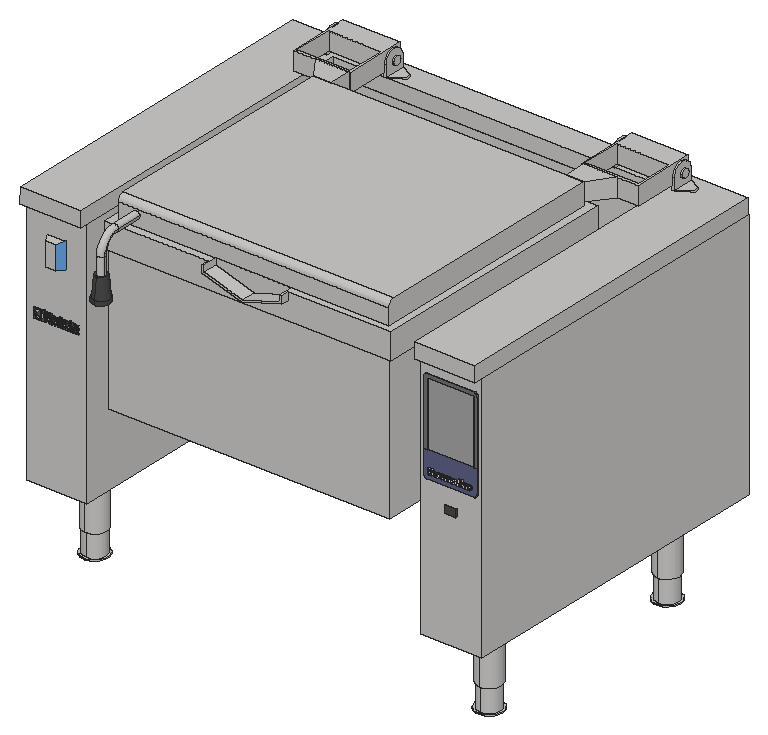
Revit family "QF_ELECTROLUXPROFESSIONAL_587122_PFET09ECIO", category Attrezzature speciali, Revit 2020 (continued)
Definition of nested family "QF_ELECTROLUXPROFESSIONAL_PBOTNB900_LEFT"
  Automatic sketch dimensions
    Extrusion 4 sketch curve to Extrusion 4 sketch curve = 2.333 mm
    Extrusion 4 sketch curve to Extrusion 4 sketch curve = 1.257 mm  (x2)
    Extrusion 4 sketch curve to Extrusion 4 sketch curve = 2.771 mm
    Extrusion 4 sketch curve to Extrusion 4 sketch curve = 1.497 mm
    Extrusion 4 sketch curve to Extrusion 4 sketch curve = 1.979 mm
    Extrusion 4 sketch curve to Extrusion 4 sketch curve = 1.653 mm
    Extrusion 4 sketch curve to Extrusion 4 sketch curve = 0.085 mm
    Extrusion 4 sketch curve to Extrusion 4 sketch curve = 0.315 mm
    Extrusion 4 sketch curve to Extrusion 4 sketch curve = 3.811 mm
    Extrusion 4 sketch curve to Extrusion 4 sketch curve = 2.136 mm  (x2)
    Extrusion 4 sketch curve to Extrusion 4 sketch curve = 2.352 mm  (x2)
    Extrusion 4 sketch curve to Extrusion 4 sketch curve = 3.797 mm
    Extrusion 4 sketch curve to Extrusion 4 sketch curve = 1.528 mm
    Extrusion 4 sketch curve to Extrusion 4 sketch curve = 1.476 mm  (x2)
    Extrusion 4 sketch curve to Extrusion 4 sketch curve = 1.469 mm  (x2)
    Extrusion 4 sketch curve to Extrusion 4 sketch curve = 3.728 mm
    Extrusion 4 sketch curve to Extrusion 4 sketch curve = 0.046 mm
    Extrusion 4 sketch curve to Extrusion 4 sketch curve = 0.177 mm
    Extrusion 4 sketch curve to Extrusion 4 sketch curve = 0.947 mm
    Extrusion 4 sketch curve to Extrusion 4 sketch curve = 0.308 mm
    Extrusion 4 sketch curve to Extrusion 4 sketch curve = 0.091 mm
    Extrusion 4 sketch curve to Extrusion 4 sketch curve = 2.375 mm
    Extrusion 4 sketch curve to Extrusion 4 sketch curve = 0.94 mm
    Extrusion 4 sketch curve to Extrusion 4 sketch curve = 0.54 mm
    Extrusion 4 sketch curve to Extrusion 4 sketch curve = 0.102 mm
    Extrusion 4 sketch curve to Extrusion 4 sketch curve = 0.002 mm  (x4)
    Extrusion 4 sketch curve to Extrusion 4 sketch curve = 0.105 mm
    Extrusion 4 sketch curve to Extrusion 4 sketch curve = 0.097 mm
    Extrusion 4 sketch curve to plane 3 "Center (Left/Right)" = 0.241 mm
    Extrusion 4 sketch curve to plane 3 "Center (Left/Right)" = 0.412 mm
    Extrusion 4 sketch curve to plane 3 "Center (Left/Right)" = 2.074 mm
    Extrusion 4 sketch curve to Extrusion 4 sketch curve = 1.777 mm
    Extrusion 4 sketch curve to plane 3 "Center (Left/Right)" = 2.704 mm
    Extrusion 4 sketch curve to Extrusion 4 sketch curve = 1.001 mm
    Extrusion 4 sketch curve to Extrusion 4 sketch curve = 1.393 mm  (x2)
    Extrusion 4 sketch curve to Extrusion 4 sketch curve = 2.363 mm
    Extrusion 4 sketch curve to Extrusion 4 sketch curve = 2.253 mm
    Extrusion 4 sketch curve to Extrusion 4 sketch curve = 0.014 mm  (x4)
    Extrusion 4 sketch curve to Extrusion 4 sketch curve = 0.172 mm
    Extrusion 4 sketch curve to Extrusion 4 sketch curve = 0.096 mm
    Extrusion 4 sketch curve to Extrusion 4 sketch curve = 0.164 mm
    Extrusion 4 sketch curve to Extrusion 4 sketch curve = 0.298 mm
    Extrusion 4 sketch curve to Extrusion 4 sketch curve = 0.247 mm
    Extrusion 4 sketch curve to Extrusion 4 sketch curve = 0.084 mm
    Extrusion 4 sketch curve to Extrusion 4 sketch curve = 6.484 mm
    Extrusion 4 sketch curve to Extrusion 4 sketch curve = 2.596 mm
    Extrusion 4 sketch curve to Extrusion 4 sketch curve = 0.059 mm  (x2)
    Extrusion 4 sketch curve to Extrusion 4 sketch curve = 3.889 mm
    Extrusion 4 sketch curve to Extrusion 4 sketch curve = 6.029 mm
    Extrusion 4 sketch curve to Extrusion 4 sketch curve = 0.929 mm
    Extrusion 4 sketch curve to Extrusion 4 sketch curve = 1.102 mm
    Extrusion 4 sketch curve to Extrusion 4 sketch curve = 0.756 mm  (x2)
    Extrusion 4 sketch curve to Extrusion 4 sketch curve = 0.852 mm
    Extrusion 4 sketch curve to Extrusion 4 sketch curve = 0.108 mm
    Extrusion 4 sketch curve to Extrusion 4 sketch curve = 0.101 mm
    Extrusion 4 sketch curve to Extrusion 4 sketch curve = 0.072 mm
    Extrusion 4 sketch curve to Extrusion 4 sketch curve = 1.67 mm
    Extrusion 4 sketch curve to Extrusion 4 sketch curve = 1.834 mm
    Extrusion 4 sketch curve to Extrusion 4 sketch curve = 0.366 mm
    Extrusion 4 sketch curve to Extrusion 4 sketch curve = 0.993 mm
    Extrusion 4 sketch curve to Extrusion 4 sketch curve = 0.81 mm
    Extrusion 4 sketch curve to Extrusion 4 sketch curve = 1.026 mm  (x2)
    Extrusion 4 sketch curve to Extrusion 4 sketch curve = 4.272 mm
    Extrusion 4 sketch curve to Extrusion 4 sketch curve = 0.163 mm
    Extrusion 4 sketch curve to Extrusion 4 sketch curve = 0.551 mm
    plane 14 to Extrusion 4 sketch curve = 6.023 mm
    Extrusion 4 sketch curve to Extrusion 4 sketch curve = 1.451 mm
    plane 14 to Extrusion 4 sketch curve = 5.28 mm
    Extrusion 4 sketch curve to Extrusion 4 sketch curve = 0.045 mm  (x2)
    Extrusion 4 sketch curve to Extrusion 4 sketch curve = 0.241 mm
    Extrusion 4 sketch curve to Extrusion 4 sketch curve = 0.039 mm
    Extrusion 4 sketch curve to Extrusion 4 sketch curve = 1.134 mm
    Extrusion 4 sketch curve to Extrusion 4 sketch curve = 2.351 mm
    Extrusion 4 sketch curve to plane 14 = 0.874 mm
    Extrusion 4 sketch curve to Extrusion 4 sketch curve = 10.128 mm
    Extrusion 4 sketch curve to Extrusion 4 sketch curve = 0.956 mm
    Extrusion 4 sketch curve to Extrusion 4 sketch curve = 1.263 mm
    Extrusion 4 sketch curve to Extrusion 4 sketch curve = 2.577 mm
    Extrusion 4 sketch curve to Extrusion 4 sketch curve = 0.243 mm
    Extrusion 4 sketch curve to Extrusion 4 sketch curve = 0.031 mm
    Extrusion 4 sketch curve to Extrusion 4 sketch curve = 7.148 mm
    Extrusion 4 sketch curve to Extrusion 4 sketch curve = 1.502 mm
    Extrusion 4 sketch curve to Extrusion 4 sketch curve = 11.54 mm
    Extrusion 4 sketch curve to Extrusion 4 sketch curve = 11.758 mm
    Extrusion 4 sketch curve to Extrusion 4 sketch curve = 4.097 mm
    Extrusion 4 sketch curve to Extrusion 4 sketch curve = 0.011 mm
    Extrusion 4 sketch curve to Extrusion 4 sketch curve = 4.488 mm
    plane 17 "CHW" to Extrusion 4 sketch curve = 191.223 mm
    Extrusion 4 sketch curve to Extrusion 4 sketch curve = 3.444 mm  (x2)
    Extrusion 4 sketch curve to Extrusion 4 sketch curve = 3.777 mm
    Extrusion 4 sketch curve to Extrusion 4 sketch curve = 1.093 mm
    Extrusion 4 sketch curve to Extrusion 4 sketch curve = 1.192 mm
    Extrusion 4 sketch curve to Extrusion 4 sketch curve = 0.319 mm
    Extrusion 4 sketch curve to Extrusion 4 sketch curve = 5.798 mm
    Extrusion 4 sketch curve to Extrusion 4 sketch curve = 2.021 mm
    Extrusion 4 sketch curve to Extrusion 4 sketch curve = 2.357 mm  (x3)
    Extrusion 4 sketch curve to Extrusion 4 sketch curve = 0.892 mm  (x3)
    Extrusion 4 sketch curve to Extrusion 4 sketch curve = 1.018 mm
    Extrusion 4 sketch curve to Extrusion 4 sketch curve = 3.382 mm  (x2)
    Extrusion 4 sketch curve to Extrusion 4 sketch curve = 2.117 mm
    Extrusion 4 sketch curve to Extrusion 4 sketch curve = 0.195 mm  (x2)
    Extrusion 4 sketch curve to Extrusion 4 sketch curve = 0.295 mm  (x2)
    Extrusion 4 sketch curve to Extrusion 4 sketch curve = 0.618 mm
    Extrusion 4 sketch curve to Extrusion 4 sketch curve = 0.385 mm  (x2)
    Extrusion 4 sketch curve to Extrusion 4 sketch curve = 1.626 mm  (x2)
    Extrusion 4 sketch curve to Extrusion 4 sketch curve = 1.65 mm
    Extrusion 4 sketch curve to Extrusion 4 sketch curve = 1.662 mm
    Extrusion 4 sketch curve to Extrusion 4 sketch curve = 0.013 mm  (x2)
    Extrusion 4 sketch curve to Extrusion 4 sketch curve = 0.292 mm
    Extrusion 4 sketch curve to Extrusion 4 sketch curve = 0.107 mm  (x2)
    Extrusion 4 sketch curve to Extrusion 4 sketch curve = 0.068 mm  (x2)
    Extrusion 4 sketch curve to Extrusion 4 sketch curve = 0.968 mm
    Extrusion 4 sketch curve to Extrusion 4 sketch curve = 0.365 mm
    Extrusion 4 sketch curve to Extrusion 4 sketch curve = 2.361 mm
    Extrusion 4 sketch curve to Extrusion 4 sketch curve = 2.359 mm
    Extrusion 4 sketch curve to Extrusion 4 sketch curve = 0.531 mm  (x2)
    Extrusion 4 sketch curve to Extrusion 4 sketch curve = 0.928 mm  (x2)
    Extrusion 4 sketch curve to Extrusion 4 sketch curve = 1.058 mm
    Extrusion 4 sketch curve to Extrusion 4 sketch curve = 0.297 mm  (x2)
    Extrusion 4 sketch curve to Extrusion 4 sketch curve = 0.155 mm  (x2)
    Extrusion 4 sketch curve to Extrusion 4 sketch curve = 1.305 mm
    Extrusion 4 sketch curve to Extrusion 4 sketch curve = 1.037 mm
    Extrusion 4 sketch curve to Extrusion 4 sketch curve = 0.182 mm  (x2)
    Extrusion 4 sketch curve to Extrusion 4 sketch curve = 0.607 mm  (x2)
    Extrusion 4 sketch curve to Extrusion 4 sketch curve = 0.304 mm  (x2)
    Extrusion 4 sketch curve to Extrusion 4 sketch curve = 0.372 mm  (x2)
    Extrusion 4 sketch curve to Extrusion 4 sketch curve = 0.016 mm  (x2)
    Extrusion 4 sketch curve to Extrusion 4 sketch curve = 0.996 mm
    Extrusion 4 sketch curve to Extrusion 4 sketch curve = 0.93 mm
    Extrusion 4 sketch curve to Extrusion 4 sketch curve = 0.709 mm  (x2)
    Extrusion 4 sketch curve to Extrusion 4 sketch curve = 1.752 mm
    Extrusion 4 sketch curve to Extrusion 4 sketch curve = 1.017 mm
    Extrusion 4 sketch curve to Extrusion 4 sketch curve = 4.718 mm
    Extrusion 4 sketch curve to Extrusion 4 sketch curve = 0.891 mm
    Extrusion 4 sketch curve to Extrusion 4 sketch curve = 3.826 mm
    Extrusion 4 sketch curve to Extrusion 4 sketch curve = 1.696 mm
    Extrusion 4 sketch curve to Extrusion 4 sketch curve = 0.954 mm
    Extrusion 4 sketch curve to Extrusion 4 sketch curve = 5.576 mm
    Extrusion 4 sketch curve to Extrusion 4 sketch curve = 5.657 mm  (x2)
    Extrusion 4 sketch curve to Extrusion 4 sketch curve = 5.661 mm  (x2)
    Extrusion 4 sketch curve to Extrusion 4 sketch curve = 0.006 mm
    Extrusion 4 sketch curve to Extrusion 4 sketch curve = 1.499 mm
    Extrusion 4 sketch curve to Extrusion 4 sketch curve = 7.186 mm
    Extrusion 4 sketch curve to Extrusion 4 sketch curve = 2.203 mm
    Extrusion 4 sketch curve to Extrusion 4 sketch curve = 2.21 mm
    Extrusion 4 sketch curve to Extrusion 4 sketch curve = 1.607 mm
    Extrusion 4 sketch curve to Extrusion 4 sketch curve = 3.479 mm
    Extrusion 4 sketch curve to Extrusion 4 sketch curve = 3.92 mm
    Extrusion 4 sketch curve to Extrusion 4 sketch curve = 0.05 mm
    Extrusion 4 sketch curve to Extrusion 4 sketch curve = 1.776 mm
    Extrusion 4 sketch curve to Extrusion 4 sketch curve = 4.017 mm
    Extrusion 4 sketch curve to Extrusion 4 sketch curve = 0.196 mm  (x2)
    Extrusion 4 sketch curve to Extrusion 4 sketch curve = 0.19 mm
    Extrusion 4 sketch curve to Extrusion 4 sketch curve = 1.312 mm
    Extrusion 4 sketch curve to Extrusion 4 sketch curve = 0.146 mm
    Extrusion 4 sketch curve to Extrusion 4 sketch curve = 2.831 mm
    Extrusion 4 sketch curve to Extrusion 4 sketch curve = 0.387 mm
    Extrusion 4 sketch curve to Extrusion 4 sketch curve = 0.174 mm
    Extrusion 4 sketch curve to Extrusion 4 sketch curve = 4.623 mm
    Extrusion 4 sketch curve to Extrusion 4 sketch curve = 1.754 mm
    Extrusion 4 sketch curve to Extrusion 4 sketch curve = 0.188 mm
    Extrusion 4 sketch curve to Extrusion 4 sketch curve = 0.02 mm
    Extrusion 4 sketch curve to Extrusion 4 sketch curve = 0.313 mm
    Extrusion 4 sketch curve to Extrusion 4 sketch curve = 0.12 mm
    Extrusion 4 sketch curve to Extrusion 4 sketch curve = 0.062 mm
    Extrusion 4 sketch curve to Extrusion 4 sketch curve = 0.568 mm
    Extrusion 4 sketch curve to Extrusion 4 sketch curve = 1.763 mm
    Extrusion 4 sketch curve to Extrusion 4 sketch curve = 0.095 mm
    Extrusion 4 sketch curve to Extrusion 4 sketch curve = 1.817 mm
    Extrusion 4 sketch curve to Extrusion 4 sketch curve = 0.357 mm
    Extrusion 4 sketch curve to Extrusion 4 sketch curve = 0.008 mm
    Extrusion 4 sketch curve to Extrusion 4 sketch curve = 0.36 mm
    Extrusion 4 sketch curve to Extrusion 4 sketch curve = 3.784 mm
    Extrusion 4 sketch curve to Extrusion 4 sketch curve = 1.654 mm
    Extrusion 4 sketch curve to Extrusion 4 sketch curve = 1.454 mm
    Extrusion 4 sketch curve to Extrusion 4 sketch curve = 1.705 mm
    Extrusion 4 sketch curve to Extrusion 4 sketch curve = 1.893 mm
    Extrusion 4 sketch curve to Extrusion 4 sketch curve = 3.429 mm
    Extrusion 4 sketch curve to Extrusion 4 sketch curve = 1.094 mm
    Extrusion 4 sketch curve to Extrusion 4 sketch curve = 2.218 mm
    Extrusion 4 sketch curve to Extrusion 4 sketch curve = 1.404 mm
    Extrusion 4 sketch curve to Extrusion 4 sketch curve = 5.763 mm
    Extrusion 4 sketch curve to Extrusion 4 sketch curve = 2.932 mm  (x2)
    Extrusion 4 sketch curve to Extrusion 4 sketch curve = 5.959 mm
    Extrusion 4 sketch curve to Extrusion 4 sketch curve = 1.424 mm
    Extrusion 4 sketch curve to Extrusion 4 sketch curve = 3.23 mm
    Extrusion 4 sketch curve to Extrusion 4 sketch curve = 1.975 mm
    Extrusion 4 sketch curve to Extrusion 4 sketch curve = 3.779 mm
    Extrusion 4 sketch curve to Extrusion 4 sketch curve = 2.212 mm
    Extrusion 4 sketch curve to Extrusion 4 sketch curve = 3.78 mm
    Extrusion 4 sketch curve to Extrusion 4 sketch curve = 1.279 mm
    Extrusion 4 sketch curve to Extrusion 4 sketch curve = 1.343 mm  (x2)
    Extrusion 4 sketch curve to Extrusion 4 sketch curve = 1.353 mm  (x2)
    Extrusion 4 sketch curve to Extrusion 4 sketch curve = 0.027 mm  (x2)
    Extrusion 4 sketch curve to Extrusion 4 sketch curve = 0.395 mm  (x2)
    Extrusion 4 sketch curve to Extrusion 4 sketch curve = 0.329 mm  (x2)
    Extrusion 4 sketch curve to Extrusion 4 sketch curve = 0.425 mm  (x2)
    Extrusion 4 sketch curve to Extrusion 4 sketch curve = 0.051 mm  (x2)
    Extrusion 4 sketch curve to Extrusion 4 sketch curve = 0.495 mm  (x2)
    Extrusion 4 sketch curve to Extrusion 4 sketch curve = 0.267 mm  (x2)
    Extrusion 4 sketch curve to Extrusion 4 sketch curve = 1.4 mm
    Extrusion 4 sketch curve to Extrusion 4 sketch curve = 5.233 mm
    Extrusion 4 sketch curve to Extrusion 4 sketch curve = 2.062 mm
    Extrusion 5 sketch curve to plane 13 "HW_CW" = 0.0 mm  (x2)
    Extrusion 5 sketch curve to plane 15 = 0.0 mm
    Extrusion 5 sketch curve to plane 14 = 0.0 mm
    radius of Extrusion 2 sketch curve = 6.35 mm  (x2)
    radius of Extrusion 4 sketch curve = 2.453 mm
    radius of Extrusion 4 sketch curve = 1.557 mm
    radius of Extrusion 4 sketch curve = 1.468 mm
    radius of Extrusion 4 sketch curve = 2.451 mm
    radius of Extrusion 5 sketch curve = 5.0 mm  (x2)
Definition of nested family "QF_ELECTROLUXPROFESSIONAL_PBOTNB900_RIGHT"
  Parameters
    Width = 160.0 mm
    Right = Width / 2  # 80.0 mm
    Default Elevation = 0.0 mm
    Left = -Width / 2  # -80.0 mm
    Htop = 40.0 mm
    Height = 900.0 mm
    HBase = 200.0 mm
    EI_z = 250.0 mm
    EI_y = 312.0 mm
    Depth = 900.0 mm
    BorderFront = 20.0 mm
    Body Finish [instance] = none
  Reference planes
    plane 1 "Center (Front/Back)": y = 0
    plane 2: z = 0
    plane 3 "Center (Left/Right)": x = 0
    plane 4 "LEFT": x = -80
    plane 5 "RIGHT": x = 80
    plane 6 "BACK": y = 450
    plane 7 "FRONT": y = -450
    plane 8 "Base": z = 200
    plane 9 "TOP": z = 900
    plane 10 "BorderFront": y = -430
    plane 11: z = 860
    plane 12 "EI": z = 450
    plane 13: y = 138
    plane 14 "STEAM_y": y = 211
    plane 15 "Steam_z": z = 340
  Forms (mm)
    Extrusion 1, solid
      sketch origin (0, 0, 0) x (1, 0, 0) y (0, 1, 0)
        loop
          line (-80, 450) -> (-80, -430) -> (80, -430) -> (80, 450) -> (-80, 450)
      from 860 to 200
    Extrusion 2, solid
      sketch origin (0, -430, 0) x (-1, 0, 0) y (0, 0, 1)
        loop
          line (59.714, 823.989) -> (-61.821, 823.989)
          arc (-61.821, 823.989) -> (-68.892, 821.06) -> (-71.821, 813.989) r 10
          line (-71.821, 813.989) -> (-71.821, 644.744) -> (-61.821, 644.744) -> (-61.821, 813.989) -> (59.714, 813.989) -> (59.714, 644.744) -> (69.714, 644.744) -> (69.714, 813.989)
          arc (69.714, 813.989) -> (66.786, 821.06) -> (59.714, 823.989) r 10
      from 0 to -3
    Extrusion 3, solid
      sketch origin (0, -430, 0) x (-1, 0, 0) y (0, 0, 1)
        loop
          line (69.714, 585) -> (69.714, 644.744) -> (-71.821, 644.744) -> (-71.821, 585)
          arc (-71.821, 585) -> (-68.892, 577.929) -> (-61.821, 575) r 10
          line (-61.821, 575) -> (59.714, 575)
          arc (59.714, 575) -> (66.786, 577.929) -> (69.714, 585) r 10
      from -3 to 0
    Extrusion 4, solid
      sketch origin (234.714, -430, 0) x (-1, 0, 0) y (0, 0, 1)
        loop
          line (294.429, 813.989) -> (172.894, 813.989) -> (172.894, 644.744) -> (294.429, 644.744) -> (294.429, 813.989)
      from 0 to -3
    Extrusion 5, solid
      sketch origin (0, -430, 0) x (-1, 0, 0) y (0, 0, 1)
        loop
          line (15, 530) -> (-15, 530) -> (-15, 510) -> (15, 510) -> (15, 530)
      from -1.6 to 0
    Extrusion 6, solid
      sketch origin (0, 450, 0) x (-1, 0, 0) y (0, 0, 1)
        loop
          circle (0, 450) r 5
      from 0 to 2
    Extrusion 7, solid
      sketch origin (0, 0, 200) x (0, 1, 0) y (-1, 0, 0)
        loop
          circle (138, 0) r 10
      from 0 to -3
    Extrusion 8, solid
      sketch origin (0, 0, 200) x (0, 1, 0) y (-1, 0, 0)
        loop
          circle (211, 0) r 12.7
      from 0 to -3
  Lines and regions (mm)
    symbolic lines
      curve 1: line (-80, 450, 0) -> (80, 450, 0)
      curve 2: line (80, 450, 0) -> (80, -430, 0)
  Dimensions and locks
    "Width": plane 4 "LEFT" to plane 5 "RIGHT"
    equal spacing: plane 4 "LEFT", plane 3 "Center (Left/Right)", plane 5 "RIGHT"
    equal spacing: plane 6 "BACK", plane 1 "Center (Front/Back)", plane 7 "FRONT"
    "Depth": plane 6 "BACK" to plane 7 "FRONT"
    "BorderFront": plane 10 "BorderFront" to plane 7 "FRONT"
    "Htop": plane 9 "TOP" to plane 11
    "Height": plane 9 "TOP" to level
    "HBase": plane 8 "Base" to level
    "EI_y": plane 6 "BACK" to plane 13
    "EI_z": plane 12 "EI" to plane 8 "Base"
    plane 6 "BACK" to plane 14 "STEAM_y" = 239.0 mm
    plane 15 "Steam_z" to plane 8 "Base" = 140.0 mm
    aligned and locked: level to plane 2
    aligned and locked: plane 10 "BorderFront" to Extrusion 1 sketch curve
    aligned and locked: plane 11 to Extrusion 1
    aligned and locked: Extrusion 1 to plane 8 "Base"
    aligned and locked: plane 4 "LEFT" to Extrusion 1 sketch curve
    aligned and locked: Extrusion 1 sketch curve to plane 5 "RIGHT"
    aligned and locked: Extrusion 1 sketch curve to plane 6 "BACK"
  Automatic sketch dimensions
    Extrusion 2 sketch curve to plane 5 "RIGHT" = 8.179 mm
    Extrusion 2 sketch curve to Extrusion 2 sketch curve = 10.0 mm  (x2)
    Extrusion 2 sketch curve to Extrusion 2 sketch curve = 0.0 mm  (x4)
    plane 4 "LEFT" to Extrusion 2 sketch curve = 20.286 mm
    Extrusion 2 sketch curve to plane 11 = 215.256 mm
    Extrusion 2 sketch curve to plane 11 = 46.011 mm
    Extrusion 3 sketch curve to plane 5 "RIGHT" = 8.179 mm
    plane 4 "LEFT" to Extrusion 3 sketch curve = 20.286 mm
    plane 4 "LEFT" to Extrusion 3 sketch curve = 10.286 mm
    Extrusion 3 sketch curve to plane 11 = 285.0 mm
    Extrusion 3 sketch curve to Extrusion 3 sketch curve = 59.744 mm
    Extrusion 3 sketch curve to Extrusion 3 sketch curve = 10.0 mm
    plane 4 "LEFT" to Extrusion 4 sketch curve = 20.286 mm
    Extrusion 4 sketch curve to plane 11 = 46.011 mm
    Extrusion 4 sketch curve to plane 5 "RIGHT" = 18.179 mm
    Extrusion 4 sketch curve to Extrusion 4 sketch curve = 169.244 mm
    Extrusion 6 sketch curve to plane 3 "Center (Left/Right)" = 0.0 mm
    Extrusion 6 sketch curve to plane 12 "EI" = 0.0 mm
    curve 1 to plane 4 "LEFT" = 0.0 mm
    curve 1 to plane 5 "RIGHT" = 0.0 mm
    curve 2 to plane 10 "BorderFront" = 0.0 mm
    curve 1 to plane 6 "BACK" = 0.0 mm
    plane 3 "Center (Left/Right)" to Extrusion 5 sketch curve = 15.0 mm
    Extrusion 5 sketch curve to plane 3 "Center (Left/Right)" = 15.0 mm
    plane 12 "EI" to Extrusion 5 sketch curve = 60.0 mm
    Extrusion 5 sketch curve to Extrusion 5 sketch curve = 20.0 mm
    Extrusion 7 sketch curve to plane 3 "Center (Left/Right)" = 0.0 mm
    Extrusion 7 sketch curve to plane 13 = 0.0 mm
    Extrusion 8 sketch curve to plane 3 "Center (Left/Right)" = 0.0 mm
    Extrusion 8 sketch curve to plane 14 "STEAM_y" = 0.0 mm
    radius of Extrusion 6 sketch curve = 5.0 mm
    radius of Extrusion 7 sketch curve = 10.0 mm
    radius of Extrusion 8 sketch curve = 12.7 mm
  Nested families
    nested 1: "ELX_ThermaLine" at (-0.906, -433, 593.675) x (1, 0, 0) z (0, -1, 0), type "ELX_ThermaLine"
      with Show Logo yes, Material_Logo none
  Definition of nested family "ELX_ThermaLine"
    Parameters
      Show Logo [instance] = yes
      Material_Logo [instance] = none
      Default Elevation = 0.0 mm
    Reference planes
      plane 1 "Centro (Fronte/Retro)": y = 0
      plane 2: z = 0
      plane 3 "Centro (Sinistra/Destra)": x = 0
    Forms (mm)
      Extrusion 1, solid
        sketch origin (0, 0, 0) x (1, 0, 0) y (0, 1, 0)
          loop
            line (-1219.2, 1219.2) -> (-1219.2, -1219.2) -> (1219.2, -1219.2) -> (1219.2, 1219.2) -> (-1219.2, 1219.2)
        from 0 to -304.8
      Extrusion 2, solid
        sketch origin (0, 0, 0) x (1, 0, 0) y (0, 1, 0)
          loop
            line (-52.84, 4.345) -> (-50.793, 4.345) -> (-50.793, 6.716) -> (-52.84, 6.716) -> (-52.84, 10.788) -> (-55.901, 9.058) -> (-55.901, 6.716) -> (-57.324, 6.716) -> (-57.324, 4.345) -> (-55.901, 4.345) -> (-55.901, -1.637)
            arc (-55.901, -1.637) -> (-54.76, -4.355) -> (-51.88, -4.985) r 3.198
            line (-51.88, -4.985) -> (-50.444, -4.597) -> (-50.782, -2.189) -> (-51.765, -2.453)
            arc (-51.765, -2.453) -> (-52.506, -2.305) -> (-52.84, -1.628) r 0.854
            line (-52.84, -1.628) -> (-52.84, 4.345)
          loop
            line (-48.642, 11.198) -> (-48.642, -4.787) -> (-45.561, -4.787) -> (-45.561, 2.659)
            arc (-45.561, 2.659) -> (-44.379, 4.372) -> (-42.304, 4.523) r 2.408
            arc (-42.304, 4.523) -> (-41.484, 3.75) -> (-41.182, 2.665) r 2.099
            line (-41.182, 2.665) -> (-41.182, -4.787) -> (-38.117, -4.787) -> (-38.088, 2.166)
            arc (-38.088, 2.166) -> (-38.343, 3.963) -> (-39.021, 5.646) r 7.517
            arc (-39.021, 5.646) -> (-42.369, 6.971) -> (-45.561, 5.303) r 4.327
            line (-45.561, 5.303) -> (-45.561, 11.198) -> (-48.642, 11.198)
          loop
            arc (-28.196, 1.988) -> (-28.834, 3.893) -> (-30.683, 4.679) r 2.449
            arc (-30.683, 4.679) -> (-32.149, 3.674) -> (-32.711, 1.988) r 2.793
            line (-32.711, 1.988) -> (-28.196, 1.988)
          loop
            arc (-25.128, 0.121) -> (-26.074, 4.342) -> (-29.545, 6.923) r 6.212
            arc (-29.545, 6.923) -> (-33.021, 6.358) -> (-35.352, 3.718) r 5.232
            arc (-35.352, 3.718) -> (-35.918, 1.148) -> (-35.633, -1.468) r 8.117
            arc (-35.633, -1.468) -> (-34.524, -3.319) -> (-32.789, -4.603) r 5.523
            arc (-32.789, -4.603) -> (-28.402, -4.744) -> (-25.297, -1.641) r 5.523
            line (-25.297, -1.641) -> (-28.327, -1.106)
            arc (-28.327, -1.106) -> (-29.324, -2.396) -> (-30.951, -2.501) r 1.982
            arc (-30.951, -2.501) -> (-32.276, -1.475) -> (-32.789, 0.121) r 2.835
            line (-32.789, 0.121) -> (-25.128, 0.121)
          loop
            line (-22.733, -4.787) -> (-19.705, -4.787) -> (-19.705, 0)
            arc (-19.705, 0) -> (-19.663, 1.267) -> (-19.469, 2.521) r 10.557
            arc (-19.469, 2.521) -> (-18.189, 4.014) -> (-16.237, 3.761) r 2.069
            line (-16.237, 3.761) -> (-15.318, 6.433)
            arc (-15.318, 6.433) -> (-17.915, 6.783) -> (-19.931, 5.11) r 3.262
            line (-19.931, 5.11) -> (-19.931, 6.752) -> (-22.733, 6.752) -> (-22.733, -4.787)
          loop
            line (-14.233, 6.752) -> (-14.233, -4.787) -> (-11.135, -4.787) -> (-11.135, 1.783)
            arc (-11.135, 1.783) -> (-10.552, 3.635) -> (-8.862, 4.59) r 2.646
            arc (-8.862, 4.59) -> (-7.677, 3.931) -> (-7.234, 2.65) r 1.899
            line (-7.234, 2.65) -> (-7.234, -4.787) -> (-4.155, -4.787) -> (-4.155, 1.467)
            arc (-4.155, 1.467) -> (-3.845, 2.923) -> (-2.97, 4.128) r 3.581
            arc (-2.97, 4.128) -> (-1.581, 4.474) -> (-0.516, 3.516) r 1.525
            arc (-0.516, 3.516) -> (-0.324, 2.735) -> (-0.304, 1.931) r 3.735
            line (-0.304, 1.931) -> (-0.304, -4.787) -> (2.776, -4.787) -> (2.776, 3.096)
            arc (2.776, 3.096) -> (1.833, 5.68) -> (-0.612, 6.942) r 3.784
            arc (-0.612, 6.942) -> (-2.795, 6.596) -> (-4.513, 5.205) r 4.271
            arc (-4.513, 5.205) -> (-5.893, 6.457) -> (-7.686, 6.964) r 4.079
            arc (-7.686, 6.964) -> (-9.75, 6.555) -> (-11.39, 5.237) r 4.412
            line (-11.39, 5.237) -> (-11.39, 6.752) -> (-14.233, 6.752)
          loop
            line (5.334, 3.712) -> (8.069, 3.23)
            arc (8.069, 3.23) -> (10.312, 4.685) -> (12.137, 2.73) r 2.082
            line (12.137, 2.73) -> (8.171, 1.741)
            arc (8.171, 1.741) -> (6.593, 1.022) -> (5.378, -0.215) r 4.758
            arc (5.378, -0.215) -> (5.225, -1.991) -> (5.744, -3.697) r 4.711
            arc (5.744, -3.697) -> (7.301, -4.682) -> (9.118, -4.992) r 4.691
            arc (9.118, -4.992) -> (10.903, -4.593) -> (12.411, -3.558) r 4.818
            line (12.411, -3.558) -> (12.81, -4.787) -> (15.873, -4.787) -> (15.179, -2.652) -> (15.179, 3.25)
            arc (15.179, 3.25) -> (14.773, 5.146) -> (13.38, 6.496) r 3.336
            arc (13.38, 6.496) -> (10.765, 7.201) -> (8.091, 6.773) r 6.459
            arc (8.091, 6.773) -> (6.348, 5.57) -> (5.334, 3.712) r 4.569
          loop
            line (21.001, -4.787) -> (24.24, -4.787) -> (27.623, 11.127) -> (24.384, 11.127) -> (21.001, -4.787)
          loop
            line (27.273, -4.787) -> (30.332, -4.787) -> (32.777, 6.716) -> (29.718, 6.716) -> (27.273, -4.787)
          loop
            line (30.656, 11.127) -> (30.058, 8.314) -> (33.117, 8.314) -> (33.715, 11.127) -> (30.656, 11.127)
          loop
            line (33.431, -4.787) -> (36.649, -4.787) -> (38.261, 2.796)
            arc (38.261, 2.796) -> (39.644, 4.445) -> (41.791, 4.594) r 2.751
            arc (41.791, 4.594) -> (42.425, 3.729) -> (42.502, 2.659) r 1.936
            line (42.502, 2.659) -> (40.919, -4.787) -> (43.989, -4.787) -> (45.795, 3.712)
            arc (45.795, 3.712) -> (45.588, 5.458) -> (44.361, 6.716) r 2.734
            arc (44.361, 6.716) -> (41.222, 6.857) -> (38.516, 5.259) r 5.512
            line (38.516, 5.259) -> (38.826, 6.716) -> (35.876, 6.716) -> (33.431, -4.787)
          loop
            line (50.773, 1.934) -> (55.672, 1.934)
            arc (55.672, 1.934) -> (55.737, 2.919) -> (55.334, 3.821) r 2.051
            arc (55.334, 3.821) -> (53.773, 4.722) -> (52.024, 4.287) r 2.407
            arc (52.024, 4.287) -> (51.223, 3.203) -> (50.773, 1.934) r 4.566
          loop
            line (50.479, 0) -> (58.259, 0)
            arc (58.259, 0) -> (58.241, 3.53) -> (56.181, 6.396) r 5.8
            arc (56.181, 6.396) -> (52.577, 6.992) -> (49.395, 5.199) r 5.498
            arc (49.395, 5.199) -> (47.819, 2.372) -> (47.536, -0.853) r 7.747
            arc (47.536, -0.853) -> (48.406, -3.006) -> (50.236, -4.437) r 4.494
            arc (50.236, -4.437) -> (52.672, -4.934) -> (55.109, -4.437) r 6.224
            arc (55.109, -4.437) -> (56.76, -3.346) -> (57.916, -1.739) r 5.478
            line (57.916, -1.739) -> (55.129, -1.247)
            arc (55.129, -1.247) -> (53.897, -2.495) -> (52.149, -2.637) r 2.52
            arc (52.149, -2.637) -> (50.809, -1.638) -> (50.479, 0) r 2.336
          loop
            line (12.154, 0.755) -> (8.732, -0.098)
            arc (8.732, -0.098) -> (8.126, -1.288) -> (8.732, -2.478) r 1.471
            arc (8.732, -2.478) -> (10.437, -2.725) -> (11.827, -1.706) r 2.276
            arc (11.827, -1.706) -> (12.142, -0.496) -> (12.154, 0.755) r 5.123
        from 0 to 1.6
    Dimensions and locks
      aligned and locked: plane 2 to Extrusion 1
      aligned and locked: level to Extrusion 1
Definition of nested family "QF_ELECTROLUXPROFESSIONAL_2FEET_THL_120xH200"
  Parameters
    Width = 120.0 mm
    Right = Width / 2  # 60.0 mm
    Default Elevation = 0.0 mm
    Left = -Width / 2  # -60.0 mm
    Height = 200.0 mm
    HBase = Height - 15.0 mm  # 185.0 mm
    Depth = 880.0 mm
  Reference planes
    plane 1 "Center (Front/Back)": y = 0
    plane 2: z = 0
    plane 3 "Center (Left/Right)": x = 0
    plane 4 "LEFT": x = -60
    plane 5 "RIGHT": x = 60
    plane 6 "BACK": y = 440
    plane 7 "FRONT": y = -440
    plane 8 "Base": z = 185
    plane 9 "TOP": z = 200
    plane 10: y = 283
    plane 11: y = -304
    plane 12: y = 368
    plane 13: y = -388
    plane 14: x = -80
  Forms (mm)
    Extrusion 1, solid
      sketch origin (0, 0, 200) x (0, 1, 0) y (-1, 0, 0)
        loop
          line (368, 60) -> (-388, 60) -> (-388, -60) -> (368, -60) -> (368, 60)
      from 0 to -15
    Revolve 2, solid
      sketch origin (0, 0, 0) x (0, 1, 0) y (0, 0, 1)
        loop
          line (283, 0) -> (318, 0) -> (318, 2) -> (311.179, 2) -> (311.179, 63) -> (314.75, 63) -> (314.75, 185) -> (283, 185) -> (283, 0)
        axis (283, 185) -> (283, 0)
      angle from 0 to 360
    Revolve 3, solid
      sketch origin (0, 0, 0) x (0, 1, 0) y (0, 0, 1)
        loop
          line (-304, 185) -> (-304, 0) -> (-269, 0) -> (-269, 2) -> (-275.821, 2) -> (-275.821, 63) -> (-272.25, 63) -> (-272.25, 185) -> (-304, 185)
        axis (-304, 185) -> (-304, 0)
      angle from 0 to 360
  Dimensions and locks
    "Width": plane 4 "LEFT" to plane 5 "RIGHT"
    equal spacing: plane 4 "LEFT", plane 3 "Center (Left/Right)", plane 5 "RIGHT"
    equal spacing: plane 6 "BACK", plane 1 "Center (Front/Back)", plane 7 "FRONT"
    "Depth": plane 6 "BACK" to plane 7 "FRONT"
    "HBase": plane 8 "Base" to level
    "Height": plane 9 "TOP" to level
    locked: plane 6 "BACK" to plane 10 at 157
    locked: plane 10 to plane 11 at 587
    plane 6 "BACK" to plane 12 = 72.0 mm
    plane 13 to plane 7 "FRONT" = 52.0 mm
    plane 12 to plane 13 = 756.0 mm
    plane 14 to plane 3 "Center (Left/Right)" = 80.0 mm
    aligned and locked: level to plane 2
    aligned and locked: Extrusion 1 sketch curve to plane 5 "RIGHT"
    aligned and locked: plane 4 "LEFT" to Extrusion 1 sketch curve
    aligned and locked: Extrusion 1 to plane 8 "Base"
    aligned and locked: Extrusion 1 sketch curve to plane 12
    aligned and locked: plane 13 to Extrusion 1 sketch curve
  Automatic sketch dimensions
    Revolve 2 sketch curve to level = 0.0 mm
    Revolve 2 sketch curve to plane 10 = 0.0 mm  (x2)
    Revolve 2 sketch curve to plane 8 "Base" = 0.0 mm
    plane 10 to Revolve 2 sketch curve = 28.179 mm
    Revolve 2 sketch curve to Revolve 2 sketch curve = 31.75 mm
    Revolve 2 sketch curve to Revolve 2 sketch curve = 6.821 mm
    level to Revolve 2 sketch curve = 2.0 mm
    Revolve 2 sketch curve to Revolve 2 sketch curve = 61.0 mm
    Revolve 2 sketch curve to level = 50.0 mm
    plane 9 "TOP" to Revolve 2 sketch curve = 70.0 mm
    Revolve 3 sketch curve to plane 11 = 0.0 mm
    Revolve 3 sketch curve to level = 0.0 mm
    Revolve 3 sketch curve to plane 10 = 587.0 mm
    Revolve 3 sketch curve to plane 8 "Base" = 0.0 mm
    Revolve 3 sketch curve to plane 10 = 558.821 mm
    Revolve 3 sketch curve to Revolve 3 sketch curve = 3.571 mm
    Revolve 3 sketch curve to Revolve 3 sketch curve = 6.821 mm
    level to Revolve 3 sketch curve = 2.0 mm
    Revolve 3 sketch curve to Revolve 3 sketch curve = 61.0 mm
    Revolve 3 sketch curve to level = 180.0 mm
    plane 9 "TOP" to Revolve 3 sketch curve = 205.0 mm
Definition of nested family "QF_ELECTROLUXPROFESSIONAL_PFET900_LEVEL1"
  Parameters
    Default Elevation = 0.0 mm
    Assembly Code = ""
  Reference planes
    plane 1 "Center (Front/Back)": y = 0
    plane 2: z = 0
    plane 3 "Center (Left/Right)": x = 0
  Forms (mm)
    Sweep 1, solid
      path origin (0, 0, 0) x (0, 1, 0) y (0, 0, 1)
        loop
          line (0, 0) -> (-70, 0)
          arc (-70, 0) -> (-101.82, -13.18) -> (-115, -45) r 45
          line (-115, -45) -> (-115, -90)
      profile origin (0, -35, 0) x (0, 0, -1) y (1, 0, 0)
        loop
          circle (0, 0) r 9
    Revolve 2, solid
      sketch origin (0, 0, 0) x (0, 1, 0) y (0, 0, 1)
        loop
          line (-115, -90) -> (-115, -152.379) -> (-92.246, -152.379) -> (-92.246, -142.379) -> (-94.495, -142.379) -> (-100, -90) -> (-115, -90)
        axis (-115, -90) -> (-115, -152.379)
      angle from 0 to 360
  Lines and regions (mm)
    symbolic lines
      curve 1: line (9, 0, 0) -> (9, -94.102, 0)
      curve 2: line (-9, 0, 0) -> (-9, -94.102, 0)
      curve 3: circle (0, -115, 0) r 22.754 normal (0, 0, 1)
  Dimensions and locks
    aligned and locked: level to plane 2
